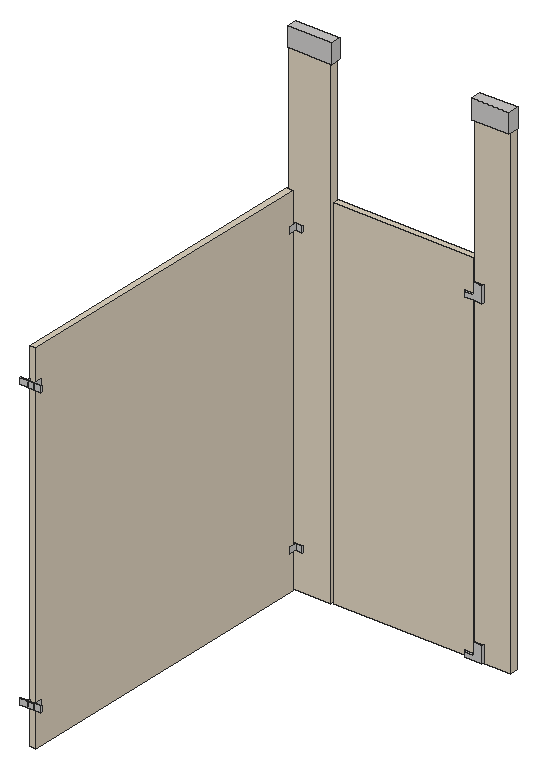
Revit family
Parameters (values of type "As Specified in 10 21 00")
  topoffset = 0' - 0 1/4"
  strkhdwr [instance] = not(or((End Panel_Strike Side), (Terminates at Wall_Strike Side)))  # no
  hngpnlconstrain [instance] = if((Terminates at Wall_Hinge Side), (Front Panel Width_Hinge Side - Reveal Clearance), (if((End Panel_Hinge Side), (Front Panel Width_Hinge Side + Panel Thickness + 0' 0 1/8"), (Front Panel Width_Hinge Side))))  # 0' - 6"
  hngpnl2 [instance] = if((Terminates at Wall_Strike Side), (Panel Thickness - Reveal Clearance - 0' 0 1/8"), (if((End Panel_Strike Side), (Panel Thickness + 0' 0 1/8"), (Panel Thickness))))  # 0' - 1 1/8"
  capoffset = 0' - 0"
  Warranty Duration (Years) = 0
  URL = "http://www.am-sanitary-partition.com/"
  Type Comments = "Toilet Partition"
  Terminates at Wall_Strike Side [instance] = no
  Terminates at Wall_Hinge Side [instance] = no
  Stile Thickness = 0' - 1 1/4"
  Stall Width = 3' - 0"
  Stall Depth [instance] = 4' - 8"
  Panel Thickness = 0' - 1"
  Outswing [instance] = not(Inswing)  # no
  Inswing [instance] = yes
  Green Building-LEED = "http://www.arcat.com/green/clients/leed_data_30440.html"
  End Panel_Strike Side [instance] = not(Terminates at Wall_Strike Side)  # yes
  Strike Side Hardware Type = Mounting Hardware : Flush
  Front Panel Width_Strike Side = 0' - 6"
  Specification = "http://www.arcat.com/specwizard/clients/amerisan.html?coid=30440"
  SpecWizard = "http://www.arcat.com/specwizard/10150asp/index.htm?mf=&coid=30440"
  Send Message = "http://admin.arcat.com/users.pl?action=UserEmail&company=American%20Sanitary%20Partition%20Corp.&coid=30440&rep=145&fax=407-656-8189&mf="
  Sales Information = "http://www.am-sanitary-partition.com/"
  Revision = "R1_10/2009"
  Reveal Clearance = 0' - 0 1/2"
  Product Properties = "http://www.arcat.com/bim/bim_info.pl?fn=Toilet-Partition_AmericanSanitary_Ceiling-Stile"
  Product Data = "http://www.arcat.com/arcatcos/cos30/arc30440.html"
  Panel Material [instance] = Phenolic Core - Color as Specified
  Model = "As Specified in 10 21 00"
  Manufacturer's Notes = ""
  Manufacturer Website = "http://www.am-sanitary-partition.com/"
  Manufacturer Phone = "407-656-0611"
  Manufacturer Fax = "407-656-8189"
  Manufacturer Address = "300 Enterprise St.; P. O. Box 99; Ocoee; FL 34761"
  Manufacturer = "American Sanitary Partition Corp."
  Maintenance Schedule (Months) = 0
  Keynote = "10 21 00"
  Installation-Fabrication = "http://www.arcat.com/clients/amersan.pdf"
  Installation Phase = ""
  End Panel_Hinge Side [instance] = no
  Hinge Side Hardware Type = Mounting Hardware : Angle
  Front Panel Width_Hinge Side = Stall Width - Door Width - Front Panel Width_Strike Side  # 0' - 6"
  Hardware Finish [instance] = Stainless Steel - Type 304 #4 Brushed Finish
  Expected Lifespan (Years) = 0
  Drawn By = "Robert S. Weygant, CSI, CDT, SCIP"  # constant formula
  Door Width = 2' - 0"
  Door Thickness = 0' - 1"
  Door Height = 5' - 0"
  Distance from Floor to Panel = 1' - 0"
  Copyright = "2009, ARCAT, Inc."  # constant formula
  Description = "Toilet Partition as Specified in 10 21 00"
  Construction Details = "http://www.arcat.com/details/amerisan/amerisan.html?coid=30440"
  Ceiling Height [instance] = 8' - 0"
  Brackets_Vertical = 2
  Assembly Code = "C1010400"
Reference planes (in)
  plane 1: y = 26.56271
  plane 2 "Center (Left/Right)": x = 26.6528
  plane 3 "Left": x = 44.6528
  plane 4: x = 8.6528
  plane 5: y = 83.81271
  plane 6 "Back": y = 29.06271
  plane 7 "Right": x = 7.6528
  plane 8 "Front": y = 85.06271
  plane 9 "Bottom of panel": z = 12
  plane 10 "Top of panel": z = 72
  plane 11: x = 14.6528
  plane 12: x = 38.6528
  plane 13 "Top": z = 96
  plane 14 "Bottom Bracket": z = 18
  plane 15 "Top Bracket": z = 66
  plane 16 "Top Hinge": z = 68.75
  plane 17: y = 83.31271
  plane 18: y = 29.56271
  plane 19: z = 0
  plane 20: x = 7.5278
  plane 21: y = 88.62521
Forms (in)
  Extrusion 1, solid, material "Phenolic Core - Color as Specified" <- "Panel Material"
    sketch origin (0, 0, 0) x (1, 0, 0) y (0, 1, 0)
      loop
        line (7.5278, 85.06271) -> (7.5278, 83.81271) -> (14.6528, 83.81271) -> (14.6528, 85.06271) -> (7.5278, 85.06271)
    from 12 to 96
  Extrusion 2, solid, material "Stainless Steel - Type 304 #4 Brushed Finish" <- "Hardware Finish", detail levels medium+fine
    sketch origin (0, 85.06271, 0) x (-1, 0, 0) y (0, 0, 1)
      loop
        line (-13.1528, 39.97704) -> (-13.1528, 42.02296) -> (-15.6528, 42.02296) -> (-15.6528, 39.97704) -> (-13.1528, 39.97704)
    from 0 to 0.25
  Extrusion 3, solid, material "Phenolic Core - Color as Specified" <- "Panel Material"
    sketch origin (0, 0, 0) x (1, 0, 0) y (0, 1, 0)
      loop
        line (38.6528, 85.06271) -> (38.6528, 83.81271) -> (44.6528, 83.81271) -> (44.6528, 85.06271) -> (38.6528, 85.06271)
    from 12 to 96
  Extrusion 4, solid, material "Phenolic Core - Color as Specified" <- "Panel Material", visible <- "End Panel_Hinge Side"
    sketch origin (0, 0, 0) x (1, 0, 0) y (0, 1, 0)
      loop
        line (44.6528, 29.56271) -> (45.6528, 29.56271) -> (45.6528, 83.31271) -> (44.6528, 83.31271) -> (44.6528, 29.56271)
    from 12 to 72
  Extrusion 5, solid, material "Phenolic Core - Color as Specified" <- "Panel Material", visible <- "End Panel_Strike Side"
    sketch origin (0, 0, 0) x (1, 0, 0) y (0, 1, 0)
      loop
        line (7.6528, 29.56271) -> (8.6528, 29.56271) -> (8.6528, 83.31271) -> (7.6528, 83.31271) -> (7.6528, 29.56271)
    from 12 to 72
  Extrusion 6, solid, material "Stainless Steel - Type 304 #4 Brushed Finish" <- "Hardware Finish", detail levels fine
    sketch origin (0, 85.06271, 0) x (-1, 0, 0) y (0, 0, 1)
      loop
        line (-38.6528, 68.75) -> (-40.1528, 68.75) -> (-40.1528, 66) -> (-38.6528, 66) -> (-37.1528, 66) -> (-37.1528, 66.75) -> (-38.6528, 66.75) -> (-38.6528, 68.75)
    from -1.49944 to 0.25
  Extrusion 7, solid, material "Stainless Steel - Type 304 #4 Brushed Finish" <- "Hardware Finish", detail levels fine
    sketch origin (0, 85.06271, -52) x (-1, 0, 0) y (0, 0, 1)
      loop
        line (-38.6528, 66.75) -> (-40.1528, 66.75) -> (-40.1528, 64) -> (-37.1528, 64) -> (-37.1528, 64.75) -> (-38.6528, 64.75) -> (-38.6528, 66.75)
    from -1.49944 to 0.25
  Extrusion 8, solid, material "Phenolic Core - Color as Specified" <- "Panel Material"
    sketch origin (0, 85.06271, 0) x (-1, 0, 0) y (0, 0, 1)
      loop
        line (-36.9028, 12) -> (-14.9028, 12) -> (-14.9028, 72) -> (-38.4028, 72) -> (-38.4028, 66.75) -> (-36.9028, 66.75) -> (-36.9028, 65.9223) -> (-38.4028, 65.9223) -> (-38.4028, 12.75) -> (-36.9028, 12.75) -> (-36.9028, 12)
    from -1 to 0
  Extrusion 9, solid, material "Stainless Steel - Type 304 #4 Brushed Finish" <- "Hardware Finish", detail levels fine
    sketch origin (0, 85.06271, 78) x (-1, 0, 0) y (0, 0, 1)
      loop
        line (-14.9028, 15) -> (-7.5278, 15) -> (-7.5278, 18.25) -> (-14.9028, 18.25) -> (-14.9028, 15)
    from -1.49768 to 0.24505
  Extrusion 10, solid, material "Stainless Steel - Type 304 #4 Brushed Finish" <- "Hardware Finish", detail levels fine
    sketch origin (0, 85.06271, 79) x (-1, 0, 0) y (0, 0, 1)
      loop
        line (-44.6528, 14) -> (-38.4028, 14) -> (-38.4028, 17.25) -> (-44.6528, 17.25) -> (-44.6528, 14)
    from -1.49944 to 0.25923
Lines and regions (in)
  symbolic lines
    curve 1: line (38.6528, 0, 72) -> (14.6528, 0, 42)
    curve 2: line (14.6528, 0, 42) -> (38.6528, 0, 12)
    curve 3: line (8.6528, 29.06271, 0) -> (7.6528, 29.06271, 0)
  symbolic lines, visible <- "Inswing"
    curve 4: line (38.6528, 83.81271, 0) -> (38.6528, 59.81271, 0)
    curve 5: line (38.6528, 59.81271, 0) -> (37.6528, 59.81271, 0)
    curve 6: line (37.6528, 59.81271, 0) -> (37.6528, 83.81271, 0)
    curve 7: line (37.6528, 83.81271, 0) -> (38.6528, 83.81271, 0)
  symbolic lines, style "Toilet Accessories-Dashed", visible <- "Inswing"
    curve 8: arc (14.6528, 83.81271, 0) -> (21.68224, 66.84214, 0) -> (38.6528, 59.81271, 0) r 24
  symbolic lines, visible <- "Outswing"
    curve 9: line (38.6528, 85.06271, 0) -> (38.6528, 109.06271, 0)
    curve 10: line (38.6528, 109.06271, 0) -> (37.6528, 109.06271, 0)
    curve 11: line (37.6528, 109.06271, 0) -> (37.6528, 85.06271, 0)
    curve 12: line (37.6528, 85.06271, 0) -> (38.6528, 85.06271, 0)
  symbolic lines, style "Toilet Accessories-Dashed", visible <- "Outswing"
    curve 13: arc (14.6528, 85.06271, 0) -> (21.68224, 102.03327, 0) -> (38.6528, 109.06271, 0) r 24
Text (in)
  text "Placement Side" at (0, 40.15149, 123.01588), in view "Right"
  text "Placement Side" at (-71.13158, 43.3951, 0), in view "Floor Line"
  text "Placement Side" at (0, 65.23256, 117.93067), in view "Left"
Dimensions and locks (in)
  "Stall Width": plane 4 to plane 3 "Left"
  "Door Height": plane 9 "Bottom of panel" to plane 10 "Top of panel"
  "Distance from Floor to Panel": host wall to plane 9 "Bottom of panel"
  equal spacing: plane 9 "Bottom of panel", curve 2, plane 10 "Top of panel"
  "Ceiling Height": level to plane 13 "Top"
  "Panel Thickness": plane 7 "Right" to plane 4
  "Panel Thickness": plane 3 "Left" to Extrusion 4 sketch curve
  locked: Extrusion 6 sketch curve to plane 12 at 1.5  (x2)
  locked: plane 9 "Bottom of panel" to Extrusion 7 sketch curve at 2.75
  locked: Extrusion 7 sketch curve to plane 12 at 1.5
  locked: plane 12 to Extrusion 7 sketch curve at 1.5
  locked: plane 12 to Extrusion 8 sketch curve at 0.25
  locked: plane 11 to Extrusion 8 sketch curve at 0.25
  locked: Extrusion 2 sketch curve to plane 11 at 1.5
  "Front Panel Width_Hinge Side": plane 12 to plane 3 "Left"
  "Door Width": plane 11 to plane 12
  locked: Extrusion 9 sketch curve to plane 11 at 0.25
  locked: Extrusion 9 sketch curve to plane 13 "Top" at 3
  Extrusion 10 sketch curve to plane 13 "Top" = 0' - 3"
  locked: Extrusion 10 sketch curve to plane 12 at 0.25
  equal spacing: plane 4, plane 2 "Center (Left/Right)", plane 3 "Left"
  locked: Extrusion 9 to plane 8 "Front" at 0.24505
  locked: Extrusion 9 to plane 5 at 0.24768
  "Door Thickness": curve 6 to plane 12
  group 1 to group 2 = 0' - 0"
  group 2 to group 1 = 0' - 0"
  group 1 to group 2 = 4' - 0"
  locked: plane 15 "Top Bracket" to plane 16 "Top Hinge" at 2.75
  locked: plane 15 "Top Bracket" to plane 10 "Top of panel" at 6
  locked: plane 9 "Bottom of panel" to plane 14 "Bottom Bracket" at 6
  "Reveal Clearance": plane 17 to plane 5
  "Reveal Clearance": plane 18 to plane 6 "Back"
  group 3 to group 4 = 0' - 0"  (x2)
  group 3 to group 4 = 4' - 0"
  "topoffset": plane 13 "Top" to Extrusion 10 sketch curve
  "topoffset": plane 13 "Top" to Extrusion 9 sketch curve
  Extrusion 10 to Extrusion 3 = 0' - 0.25923"
  Extrusion 10 to Extrusion 3 = 0' - 0.24944"
  locked: Extrusion 10 to Extrusion 3 at 0.25
  "Stile Thickness": plane 8 "Front" to plane 5
  "capoffset": Extrusion 3 to Extrusion 10
  "hngpnlconstrain": Extrusion 3 sketch curve to Extrusion 3 sketch curve
  "capoffset": Extrusion 9 to Extrusion 1
  group 5 to group 6 = 0' - 0"  (x2)
  group 5 to group 6 = 4' - 0"
  group 7 to group 8 = 0' - 0"  (x2)
  group 7 to group 8 = 4' - 0"
  group 9 to group 10 = 0' - 0"
  group 10 to group 9 = 0' - 0"
  group 9 to group 10 = 4' - 0"
  Extrusion 4 to Extrusion 10 sketch curve = 0' - 1"
  "hngpnl2": plane 20 to plane 4
  group 11 to group 12 = 0' - 0"  (x2)
  group 11 to group 12 = 4' - 0"
  "Stall Depth": plane 8 "Front" to plane 6 "Back"
  group 13 to group 14 = 0' - 0"  (x2)
  group 13 to group 14 = 4' - 0"
  "Door Thickness": Extrusion 8 to Extrusion 8
  "Door Thickness": curve 11 to curve 9
  "Stile Thickness": Extrusion 3 sketch curve to Extrusion 3 sketch curve
  aligned and locked: Extrusion 1 sketch curve to plane 8 "Front"
  aligned and locked: Extrusion 1 sketch curve to plane 5
  aligned and locked: Extrusion 1 sketch curve to plane 11
  aligned and locked: plane 13 "Top" to Extrusion 1
  aligned and locked: Extrusion 2 to plane 8 "Front"
  aligned and locked: plane 12 to Extrusion 3 sketch curve
  aligned and locked: plane 3 "Left" to Extrusion 4 sketch curve
  aligned and locked: plane 9 "Bottom of panel" to Extrusion 4
  aligned and locked: Extrusion 5 to plane 10 "Top of panel"
  aligned and locked: plane 9 "Bottom of panel" to Extrusion 5
  aligned and locked: plane 16 "Top Hinge" to Extrusion 6 sketch curve
  aligned and locked: plane 15 "Top Bracket" to Extrusion 6 sketch curve
  aligned and locked: Extrusion 6 sketch curve to plane 12
  aligned and locked: plane 9 "Bottom of panel" to Extrusion 7 sketch curve
  aligned and locked: Extrusion 7 sketch curve to plane 12
  aligned and locked: Extrusion 7 to Extrusion 8 sketch curve
  aligned and locked: plane 10 "Top of panel" to Extrusion 8 sketch curve
  aligned and locked: curve 4 to plane 12
  aligned and locked: plane 9 "Bottom of panel" to Extrusion 3
  aligned and locked: plane 9 "Bottom of panel" to Extrusion 1
  aligned and locked: plane 8 "Front" to Extrusion 8
  aligned and locked: plane 7 "Right" to nested 1
  aligned and locked: nested 1 to plane 5  (x4)
  aligned and locked: plane 14 "Bottom Bracket" to nested 1
  aligned and locked: plane 15 "Top Bracket" to nested 2
  aligned and locked: plane 7 "Right" to nested 2
  aligned and locked: plane 5 to nested 1
  aligned and locked: plane 17 to Extrusion 5 sketch curve
  aligned and locked: Extrusion 5 sketch curve to plane 18
  aligned and locked: plane 18 to Extrusion 4 sketch curve
  aligned and locked: plane 17 to Extrusion 4 sketch curve
  aligned and locked: nested 3 to plane 5  (x2)
  aligned and locked: nested 3 to plane 3 "Left"
  aligned and locked: nested 3 to plane 14 "Bottom Bracket"
  aligned and locked: nested 4 to plane 15 "Top Bracket"
  aligned and locked: plane 5 to nested 3
  aligned and locked: plane 3 "Left" to nested 3
  aligned and locked: Extrusion 4 to plane 10 "Top of panel"
  aligned and locked: nested 5 to plane 4  (x3)
  aligned and locked: plane 6 "Back" to nested 5
  aligned and locked: nested 6 to plane 3 "Left"
  aligned and locked: nested 6 to plane 6 "Back"  (x3)
  aligned and locked: nested 6 to plane 14 "Bottom Bracket"
  aligned and locked: plane 14 "Bottom Bracket" to nested 5
  aligned and locked: plane 6 "Back" to nested 6  (x2)
  aligned and locked: nested 7 to plane 15 "Top Bracket"
  aligned and locked: nested 7 to plane 3 "Left"
  aligned and locked: nested 5 to plane 6 "Back"  (x4)
  aligned and locked: nested 8 to plane 3 "Left"
  aligned and locked: nested 8 to plane 8 "Front"  (x3)
  aligned and locked: plane 14 "Bottom Bracket" to nested 8
  aligned and locked: plane 15 "Top Bracket" to nested 9
  aligned and locked: nested 9 to plane 3 "Left"
  aligned and locked: plane 3 "Left" to nested 8
  aligned and locked: plane 7 "Right" to nested 5  (x2)
  aligned and locked: nested 7 to plane 6 "Back"
  aligned and locked: plane 6 "Back" to nested 7
  aligned and locked: plane 15 "Top Bracket" to nested 10
  aligned and locked: nested 10 to plane 4
  aligned and locked: plane 19 to level
  aligned and locked: Extrusion 1 to plane 20
  aligned and locked: plane 8 "Front" to nested 11  (x2)
  aligned and locked: nested 11 to plane 7 "Right"
  aligned and locked: nested 11 to plane 14 "Bottom Bracket"
  aligned and locked: nested 12 to plane 15 "Top Bracket"
  aligned and locked: nested 12 to plane 7 "Right"
  aligned and locked: nested 11 to plane 8 "Front"
  aligned and locked: plane 6 "Back" to host wall
  aligned and locked: plane 5 to nested 13
  aligned and locked: nested 13 to plane 5  (x2)
  aligned and locked: plane 14 "Bottom Bracket" to nested 13  (x2)
  aligned and locked: nested 13 to plane 14 "Bottom Bracket"
  aligned and locked: plane 7 "Right" to nested 13
  aligned and locked: plane 15 "Top Bracket" to nested 14  (x2)
  aligned and locked: nested 14 to plane 15 "Top Bracket"
  aligned and locked: plane 7 "Right" to nested 14
  aligned and locked: plane 5 to nested 14
  aligned and locked: nested 4 to plane 3 "Left"
  aligned and locked: nested 4 to plane 5
  aligned and locked: curve 12 to plane 8 "Front"
  aligned and locked: plane 12 to curve 9
  aligned and locked: plane 8 "Front" to nested 12
  aligned and locked: nested 9 to plane 8 "Front"
  aligned and locked: plane 5 to nested 2
  aligned and locked: plane 6 "Back" to nested 10
  aligned and locked: Extrusion 6 to Extrusion 10
  aligned and locked: plane 8 "Front" to Extrusion 3
Automatic sketch dimensions
  plane 11 to Extrusion 2 sketch curve = 0' - 1"
  plane 14 "Bottom Bracket" to Extrusion 2 sketch curve = 1' - 9.97704"
  Extrusion 2 sketch curve to Extrusion 2 sketch curve = 0' - 2.04593"
  curve 3 to host wall = 0' - 0"
  curve 3 to plane 7 "Right" = 0' - 0"
  curve 3 to plane 4 = 0' - 0"
  curve 1 to plane 10 "Top of panel" = 0' - 0"
  curve 2 to plane 9 "Bottom of panel" = 0' - 0"
  curve 1 to plane 11 = 0' - 0"
  curve 2 to plane 12 = 0' - 0"
  curve 1 to plane 12 = 0' - 0"
  Extrusion 1 sketch curve to plane 20 = 0' - 0"
  Extrusion 5 sketch curve to plane 7 "Right" = 0' - 0"
  Extrusion 5 sketch curve to plane 4 = 0' - 0"
  Extrusion 6 sketch curve to plane 12 = 0' - 0"
  plane 15 "Top Bracket" to Extrusion 6 sketch curve = 0' - 0 3/4"
  Extrusion 7 sketch curve to plane 9 "Bottom of panel" = 0' - 0 3/4"
  Extrusion 8 sketch curve to plane 12 = 0' - 0 1/4"
  Extrusion 8 sketch curve to plane 9 "Bottom of panel" = 0' - 0 3/4"
  Extrusion 8 sketch curve to Extrusion 8 sketch curve = 0' - 1 1/2"  (x2)
  Extrusion 8 sketch curve to plane 15 "Top Bracket" = 0' - 0.0777"
  plane 15 "Top Bracket" to Extrusion 8 sketch curve = 0' - 0 3/4"
  curve 13 to plane 8 "Front" = 0' - 0"
  curve 13 to plane 11 = 0' - 0"
  curve 8 to plane 5 = 0' - 0"
  curve 8 to plane 11 = 0' - 0"
  curve 6 to plane 5 = 0' - 0"
  Extrusion 9 sketch curve to plane 20 = 0' - 0"
  Extrusion 3 sketch curve to plane 8 "Front" = 0' - 1 1/4"
Nested families (in)
  nested 1: "Mounting Hardware" at (7.6528, 83.81271, 18), type <- "Strike Side Hardware Type", visible <- "strkhdwr", type "Flush"
    with panel thickness 0' - 1"
  nested 2: "Mounting Hardware" at (7.6528, 83.81271, 66), type <- "Strike Side Hardware Type", visible <- "strkhdwr", type "Flush"
    with panel thickness 0' - 1"
  nested 3: "Mounting Hardware" at (45.6528, 83.81271, 18) x (-1, 0, 0) z (0, 0, 1), type <- "Hinge Side Hardware Type", visible <- "End Panel_Hinge Side", type "Angle"
    with panel thickness 0' - 1", Surfmnt no
  nested 4: "Mounting Hardware" at (45.6528, 83.81271, 66) x (-1, 0, 0) z (0, 0, 1), type <- "Hinge Side Hardware Type", visible <- "End Panel_Hinge Side", type "Angle"
    with panel thickness 0' - 1", Surfmnt no
  nested 5: "Mounting Hardware" at (8.6528, 29.06271, 18) x (-1, 0, 0) z (0, 0, 1), visible <- "End Panel_Strike Side", type "Flush"
    with panel thickness 0' - 1"
  nested 6: "Mounting Hardware" at (44.6528, 29.06271, 18), visible <- "End Panel_Hinge Side", type "Flush"
    with panel thickness 0' - 1"
  nested 7: "Mounting Hardware" at (44.6528, 29.06271, 66), visible <- "End Panel_Hinge Side", type "Flush"
    with panel thickness 0' - 1"
  nested 8: "Mounting Hardware" at (44.6528, 85.06271, 18) x (0, -1, 0) z (0, 0, 1), visible <- "Terminates at Wall_Hinge Side", type "Angle"
    with panel thickness 0' - 1", Surfmnt no
  nested 9: "Mounting Hardware" at (44.6528, 85.06271, 66) x (0, -1, 0) z (0, 0, 1), visible <- "Terminates at Wall_Hinge Side", type "Angle"
    with panel thickness 0' - 1", Surfmnt no
  nested 10: "Mounting Hardware" at (8.6528, 29.06271, 66) x (-1, 0, 0) z (0, 0, 1), visible <- "End Panel_Strike Side", type "Flush"
    with panel thickness 0' - 1"
  nested 11: "Mounting Hardware" at (7.6528, 85.06271, 18) x (0, -1, 0) z (0, 0, 1), visible <- "Terminates at Wall_Strike Side", type "Angle"
    with panel thickness 0' - 1", Surfmnt no
  nested 12: "Mounting Hardware" at (7.6528, 85.06271, 66) x (0, -1, 0) z (0, 0, 1), visible <- "Terminates at Wall_Strike Side", type "Angle"
    with panel thickness 0' - 1", Surfmnt no
  nested 13: "Mounting Hardware" at (7.6528, 83.81271, 18), visible <- "End Panel_Strike Side", type "Angle"
    with panel thickness 0' - 1", Surfmnt no
  nested 14: "Mounting Hardware" at (7.6528, 83.81271, 66), visible <- "End Panel_Strike Side", type "Angle"
    with panel thickness 0' - 1", Surfmnt no
Definition of nested family "Mounting Hardware"
  Parameters (values of type "Common Mount")
    panel thickness = 0' - 0 1/2"
    hdwr matl = Chrome Plated Brass
    Surfmnt = yes
    Hdwr Height = 0' - 1"
    Assembly Code = ""
  Types (2): name | panel thickness | Surfmnt
    Common Mount | 0' - 0 1/2" | yes
    End Mount | 0' - 1" | no
  Reference planes (in)
    plane 1 "Center (Front/Back)": y = 0
    plane 2 "bottom": z = 0
    plane 3 "Center (Left/Right)": x = 0
    plane 4: y = -1.37133
    plane 5 "top": z = 1
    plane 6: y = -0.12324
  Forms (in)
    Extrusion 1, solid, material "Chrome Plated Brass" <- "hdwr matl"
      sketch origin (0, 0, 0) x (1, 0, 0) y (0, 1, 0)
        loop
          line (0, -1.37133) -> (0, -0.125) -> (0.5, -0.125) -> (0.5, -1.37133) -> (0.625, -1.37133) -> (0.625, -0.12324) -> (2.25, -0.12324) -> (2.25, 0) -> (-0.125, 0) -> (-0.125, -1.37133) -> (0, -1.37133)
      from 0 to 1
    Extrusion 2, solid, material "Chrome Plated Brass" <- "hdwr matl", visible <- "Surfmnt"
      sketch origin (0, 0, 0) x (1, 0, 0) y (0, 1, 0)
        loop
          line (0, 0) -> (-1.25, 0) -> (-1.25, -0.125) -> (0, -0.125) -> (0, 0)
      from 0 to 1
  Dimensions and locks (in)
    "panel thickness": Extrusion 1 sketch curve to Extrusion 1 sketch curve
    locked: Extrusion 1 sketch curve to Extrusion 1 sketch curve at 0.125  (x2)
    locked: plane 4 to plane 1 "Center (Front/Back)" at 1.37133
    locked: Extrusion 1 sketch curve to Extrusion 1 sketch curve at 2.375
    locked: Extrusion 2 sketch curve to Extrusion 2 sketch curve at 0.125
    locked: Extrusion 2 sketch curve to Extrusion 2 sketch curve at 1.25
    "Hdwr Height": plane 5 "top" to plane 2 "bottom"
    locked: plane 6 to plane 1 "Center (Front/Back)" at 0.12324
    "panel thickness": Extrusion 1 to Extrusion 1
    aligned and locked: plane 3 "Center (Left/Right)" to Extrusion 1 sketch curve
    aligned and locked: Extrusion 1 sketch curve to plane 1 "Center (Front/Back)"
    aligned and locked: Extrusion 1 sketch curve to plane 4  (x2)
    aligned and locked: Extrusion 2 sketch curve to plane 1 "Center (Front/Back)"
    aligned and locked: plane 3 "Center (Left/Right)" to Extrusion 2 sketch curve
    aligned and locked: plane 5 "top" to Extrusion 1
    aligned and locked: plane 5 "top" to Extrusion 2
    aligned and locked: Extrusion 1 to plane 2 "bottom"
    aligned and locked: Extrusion 2 to plane 2 "bottom"
  Automatic sketch dimensions
    plane 1 "Center (Front/Back)" to Extrusion 1 sketch curve = 0' - 0.12324"
    plane 1 "Center (Front/Back)" to Extrusion 1 sketch curve = 0' - 0 1/8"
